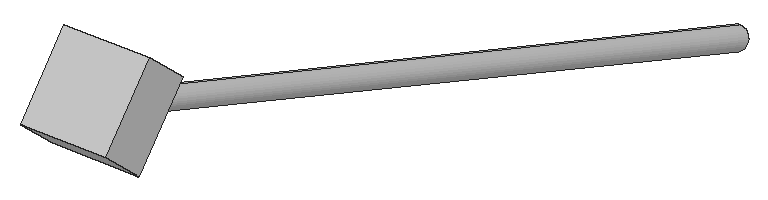
Revit family "GSM-SON-CSH-SoilNail-01", category Site, Revit 2020
Family settings
  Round Connector Dimension = Use Diameter
  Part Type = Normal
  Work Plane-Based = No
  Always vertical = Yes
  Cut with Voids When Loaded = No
  Shared = No
Parameters (values of type "Nail Head_400x400")
  Verification [instance] = ""
  Soil Nail Total Length [instance] = 4000 mm
  Soil Nail Material = Ribbed Reinforcement
  Soil Nail Inclination [instance] = 20.00°
  Soil Nail Head Material = Concrete Grade 30/20
  Soil Nail Dia [instance] = 50 mm
  OmniClassVersion [instance] = "National Standard - 2012-05-16"
  OmniClassTitle [instance] = "Earth Reinforcement Soil Nails"
  OmniClassCode [instance] = "23-11 11 13 11"
  Nail Head to Pivot [instance] = (Nail Head Width * -1 - 50 mm - 82 mm) / cos(Nail Head Angle - Soil Nail Inclination)  # 125.573 mm
  Nail Head Angle [instance] = 40.00°
  Model Number [instance] = ""
  Material Grade [instance] = ""
  Manufacturer Name [instance] = ""
  Location [instance] = ""
  LOD-I [instance] = "300"
  LOD-G [instance] = "300"
  Hole Fill Material = Cement Grout
  Nail Head Width = -250 mm
  Nail Head Length = 400 mm
  Hole Dia [instance] = 100 mm
  Handover Date [instance] = ""
  Equipment Capacity [instance] = ""
  Design Capacity [instance] = ""
  Departmental Unique ID [instance] = ""
  Default Elevation = 0 mm
  Corrosion Protection Layer Material = Corrugated Sheath
  Corrosion Protection Dia.Outer [instance] = Corrosion Protection Dia. + 5 mm  # 75 mm
  Corrosion Protection Layer [instance] = no
  Corrosion Protection Dia. [instance] = Soil Nail Dia + 20 mm  # 70 mm
  Contract Number of the Equipment [instance] = ""
  Certified Completion Date [instance] = ""
  CAT Code [instance] = "GSM"
  Brand Name [instance] = ""
  Asset ID [instance] = ""
Types (4, lengths in mm): name | Nail Head Length
  (no name) | 400
  Nail Head_400x400 | 400
  Nail Head_600x600 | 600
  Nail Head_800x800 | 800
Reference planes
  plane 1 "Center (Front/Back)": y = 0
  plane 2: z = 0
  plane 3 "Center (Left/Right)": x = 0
Forms (mm)
  Extrusion 1, solid, material "Concrete Grade 30/20" <- "Soil Nail Head Material"
    sketch origin (0, 180.816, -95.657) x (1, 0, 0) y (0, -0.642788, -0.766044)
      loop
        line (200, -200) -> (200, 200) -> (-200, 200) -> (-200, -200) -> (200, -200)
    from 0 to -250 <- "Nail Head Width"
  Sweep 2, solid, material "Ribbed Reinforcement" <- "Soil Nail Material"
    path in 3D
      loop
        line (0, 0, 0) -> (0, 3758.77, -1368.081)
    profile origin (0, 1879.385, -684.04) x (0, 0.34202, 0.939693) y (1, 0, 0)
      loop
        circle (0, 0) r 25
  Sweep 3, solid, material "Cement Grout" <- "Hole Fill Material"
    path in 3D
      loop
        line (0, 135.364, -49.268) -> (0, 3805.755, -1385.182)
    profile origin (0, 1970.56, -717.225) x (0, 0.34202, 0.939693) y (1, 0, 0)
      loop
        circle (0, 0) r 50
      loop
        circle (0, 0) r 25
  Sweep 4, solid, material "Corrugated Sheath" <- "Corrosion Protection Layer Material", visible <- "Corrosion Protection Layer"
    path in 3D
      loop
        line (0, 135.364, -49.268) -> (0, 3805.755, -1385.182)
    profile origin (0, 1970.56, -717.225) x (0, 0.34202, 0.939693) y (1, 0, 0)
      loop
        circle (0, 0) r 37.5
      loop
        circle (0, 0) r 35
Lines and regions (mm)
  reference lines
    curve 1: line (0, 0, 0) -> (0, 118, -42.948)
    curve 2: line (0, 118, -42.948) -> (0, 180.943, -42.948)
    curve 3: line (0, 118, -42.948) -> (0, 180.816, -95.657)
    curve 4: line (0, 0, 0) -> (0, 3758.77, -1368.081)
  sketch lines
    curve 5: line (0, 0, 0) -> (0, 3758.77, -1368.081)
    curve 6: line (0, 135.364, -49.268) -> (0, 3805.755, -1385.182)
    curve 7: line (0, 135.364, -49.268) -> (0, 3805.755, -1385.182)
Dimensions and locks
  "Nail Head to Pivot": curve 1 to curve 1
  "Nail Head Length": Extrusion 1 sketch curve to Extrusion 1 sketch curve  (x2)
  equal spacing: Extrusion 1 sketch curve, curve 3, Extrusion 1 sketch curve  (x2)
  "Soil Nail Total Length": curve 4 to curve 4
  Extrusion 1 to curve 4 = 50 mm
  "Soil Nail Dia": diameter of Sweep 2 sketch curve
  "Soil Nail Dia": diameter of Sweep 3 sketch curve
  "Hole Dia": diameter of Sweep 3 sketch curve
  "Corrosion Protection Dia.": diameter of Sweep 4 sketch curve
  "Corrosion Protection Dia.Outer": diameter of Sweep 4 sketch curve
  "Soil Nail Inclination": angle curve 1 to level
  "Nail Head Angle": angle curve 3 to curve 2
  "Soil Nail Inclination": angle curve 4 to level
  aligned and locked: level to plane 2
Automatic sketch dimensions
  curve 4 to level = 0 mm
  curve 4 to plane 1 "Center (Front/Back)" = 0 mm
  Sweep 2 sketch curve to profile plane = 0 mm  (x2)
  Sweep 3 sketch curve to Sweep 3 sketch curve = 0 mm  (x2)
  Sweep 3 sketch curve to profile plane = 0 mm  (x2)
  Sweep 4 sketch curve to Sweep 4 sketch curve = 0 mm  (x2)
  Sweep 4 sketch curve to profile plane = 0 mm  (x2)
Nested families
  nested 1: "GSM-SON-CSH-SoilNailSymbol-01" at (0, 0, 0), type "GSM-SON-CSH-SoilNailSymbol-01"
Definition of nested family "GSM-SON-CSH-SoilNailSymbol-01"
  Reference planes
    plane 1: y = 0
    plane 2: x = 0
  Lines and regions (mm)
    detail lines
      curve 1: line (0.75, 0.75, 0) -> (0.75, -0.75, 0)
      curve 2: line (-0.75, 0.75, 0) -> (-0.75, -0.75, 0)
      curve 3: line (-0.75, 0.75, 0) -> (0.75, 0.75, 0)
      curve 4: line (-0.75, -0.75, 0) -> (0.75, -0.75, 0)
      curve 7: line (3.137, -0.75, 0) -> (3.137, 0.75, 0)
      curve 8: line (4.137, 0.75, 0) -> (4.137, -0.75, 0)
      curve 9: line (3.137, 0.75, 0) -> (4.137, -0.75, 0)
    reference lines
      curve 5: line (1.75, -0.75, 0) -> (1.75, 1.882, 0)
      curve 6: line (2.75, -0.972, 0) -> (2.75, 1.882, 0)
      curve 10: line (2.75, 0.75, 0) -> (1.4, 0.75, 0)
      curve 11: line (2.75, -0.75, 0) -> (1.511, -0.75, 0)
  Nested families
    nested 1: "Sign Pole 2D" at (2.259, -0.033, 0), type "Sign Pole 2D"
  Definition of nested family "Sign Pole 2D"
    Reference planes
      plane 1: y = 0
      plane 2: x = 0
    Lines and regions (mm)
      detail lines
        curve 1: arc (-0.409, 0.38, 0) -> (-0.004, 0.785, 0) -> (0.401, 0.38, 0) r 0.405
        curve 2: arc (0.396, -0.36, 0) -> (-0.028, -0.724, 0) -> (-0.413, -0.32, 0) r 0.405
        curve 3: arc (-0.409, 0.38, 0) -> (-0.402, 0.279, 0) -> (-0.38, 0.179, 0) r 0.707
        curve 4: arc (0.396, -0.36, 0) -> (0.394, -0.269, 0) -> (0.38, -0.179, 0) r 0.707
        curve 5: line (-0.38, 0.179, 0) -> (0.38, -0.179, 0)
